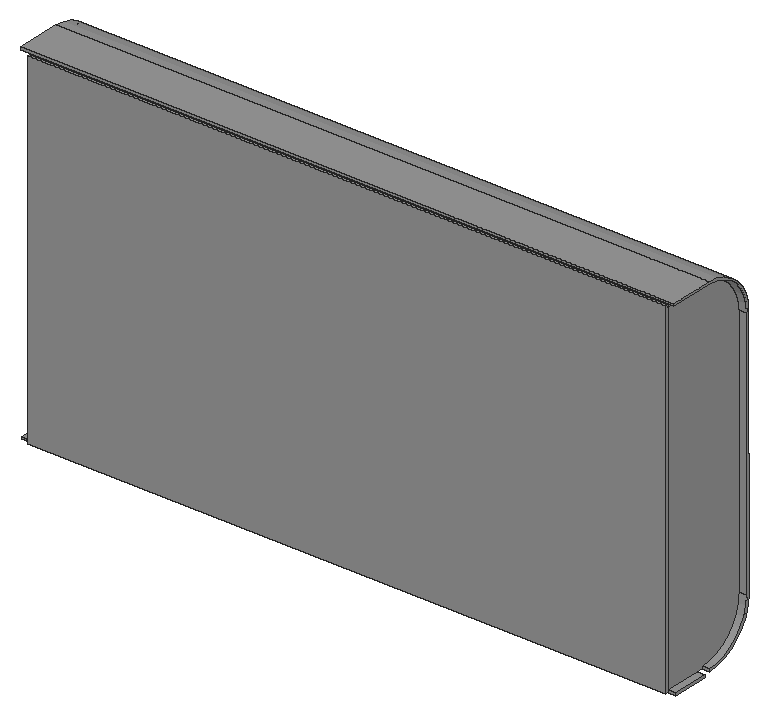
Revit family "3250 Bjørk_Baby change unit paper dispenser", category Furniture Systems, host Wall, Revit 2018
Family settings
  Host = Wall
  Round Connector Dimension = Use Diameter
  Part Type = Normal
  Always vertical = Yes
  Cut with Voids When Loaded = No
  Shared = No
  Room Calculation Point = No
Parameters (values of type "WHITE")
  Surface Front = WHITE
  Surface Back = WHITE
Reference planes
  plane 1 "Wall": y = 0
  plane 2 "Center (Left/Right)": x = 125
  plane 3 "Back": y = 75
Text (mm)
  text "Placement Side" at (-1848.837, 1116.779, 0), in view "Ref. Level"
  text "Placement side" at (0, 1409.804, 2854.306), in view "Left"
  text "Placement side" at (0, 499.811, 2980.732), in view "Right"
Dimensions and locks
  locked: plane 3 "Back" to host wall
  aligned and locked: plane 1 "Wall" to host wall
  aligned and locked: nested 1 to plane 3 "Back"
  aligned and locked: plane 3 "Back" to nested 1
  aligned and locked: nested 1 to plane 2 "Center (Left/Right)"
Nested families
  nested 1: "Master 3250 Baby change unit paper dispenser" at (125, 75, 1000) x (-1, 0, 0) z (0, 0, 1), type "Master 3250 Baby change unit paper dispenser"
Definition of nested family "Master 3250 Baby change unit paper dispenser"
  Parameters (values of type "Master 3250 Baby change unit paper dispenser")
    Surface Front = none
    Surface Back = none
    Model = "Björk Baby change unit dispenser - 3250"
    Manufacturer = "Dan Dryer"
    Description = "Baby change unit dispenser"
    Cost = 0
  Reference planes
    plane 1 "Center (Front/Back)": y = 0
    plane 2: z = 0
    plane 3 "Center (Left/Right)": x = 0
  Dimensions and locks
    aligned and locked: level to plane 2
    aligned and locked: level to nested 2
    aligned and locked: level to nested 1
    aligned and locked: plane 3 "Center (Left/Right)" to nested 2
    aligned and locked: nested 2 to nested 1
    aligned and locked: plane 1 "Center (Front/Back)" to nested 1
    aligned and locked: nested 2 to plane 1 "Center (Front/Back)"
  Nested families
    nested 1: "Bagplade Komponent" at (0, 0, -1.5), type "Bagplade Komponent"
    nested 2: "Forplade Komponent lukket" at (0, -13.483, 0), type "Forplade Komponent lukket"
  Definition of nested family "Bagplade Komponent"
    Parameters (values of type "Bagplade Komponent")
      Surface Back = none
      Materiale = none
    Reference planes
      plane 1 "Center (Front/Back)": y = 0
      plane 2: z = 0
      plane 3 "Center (Left/Right)": x = 0
    Forms (mm)
      Extrusion 1, solid, material <- "Surface Back"
        sketch origin (0, 0, 79) x (1, 0, 0) y (0, 0, 1)
          loop
            line (-200, -79) -> (200, -79) -> (200, 139) -> (-200, 139) -> (-200, -79)
        from 0 to 1.5
      Extrusion 2, solid, material <- "Surface Back"
        sketch origin (-200, 0, 188) x (0, 0, -1) y (0, -1, 0)
          loop
            line (186.5, 1.5) -> (186.5, 28)
            arc (186.5, 28) -> (178.006, 48.506) -> (157.5, 57) r 29
            line (157.5, 57) -> (-1, 57)
            arc (-1, 57) -> (-21.506, 48.506) -> (-30, 28) r 29
            line (-30, 28) -> (-30, 13.5) -> (-28.5, 13.5) -> (-28.5, 1.5) -> (186.5, 1.5)
        from 0 to -1.5
      Extrusion 3, solid, material <- "Surface Back"
        sketch origin (198.5, 0, 188) x (0, 0, -1) y (0, -1, 0)
          loop
            line (186.5, 1.5) -> (186.5, 28)
            arc (186.5, 28) -> (178.006, 48.506) -> (157.5, 57) r 29
            line (157.5, 57) -> (-1, 57)
            arc (-1, 57) -> (-21.506, 48.506) -> (-30, 28) r 29
            line (-30, 28) -> (-30, 13.5) -> (-28.5, 13.5) -> (-28.5, 1.5) -> (186.5, 1.5)
        from 0 to -1.5
      Extrusion 4, solid, material <- "Surface Back"
        sketch origin (200, 0, 218) x (-1, 0, 0) y (0, -1, 0)
          loop
            line (400, 1.5) -> (400, 13.5) -> (0, 13.5) -> (0, 1.5) -> (400, 1.5)
        from 0 to -1.5
      Extrusion 5, solid, material <- "Surface Back"
        sketch origin (-200, 0, 0) x (0, -1, 0) y (-1, 0, 0)
          loop
            line (1.5, 5) -> (1.5, -32) -> (24.5, -32) -> (24.5, 5) -> (1.5, 5)
        from 0 to -1.5
      Extrusion 6, solid, material <- "Surface Back"
        sketch origin (200, 0, 0) x (0, 1, 0) y (1, 0, 0)
          loop
            line (-1.5, 5) -> (-24.5, 5) -> (-24.5, -32) -> (-1.5, -32) -> (-1.5, 5)
        from 0 to -1.5
      Extrusion 7, solid, material <- "Surface Back"
        sketch origin (-200, 0, 0) x (0, -1, 0) y (-1, 0, 0)
          loop
            line (1.5, -61) -> (1.5, -339) -> (8.5, -339) -> (8.5, -61) -> (1.5, -61)
        from 0 to -1.5
    Dimensions and locks
      aligned and locked: level to plane 2
  Definition of nested family "Forplade Komponent lukket"
    Parameters (values of type "Forplade Komponent lukket")
      Surface Front = none
    Reference planes
      plane 1 "Center (Front/Back)": y = 0
      plane 2: z = 0
      plane 3 "Center (Left/Right)": x = 0
    Forms (mm)
      Extrusion 1, solid, material <- "Surface Front"
        sketch origin (0, 0, 79.75) x (0, 1, 0) y (0, 0, 1)
          loop
            arc (-14.5, -78.25) -> (-35.006, -69.756) -> (-43.5, -49.25) r 29
            line (-43.5, -49.25) -> (-43.5, 109.25)
            arc (-43.5, 109.25) -> (-35.006, 129.756) -> (-14.5, 138.25) r 29
            line (-14.5, 138.25) -> (13.483, 138.25) -> (13.483, 139.75) -> (-14.5, 139.75)
            arc (-14.5, 139.75) -> (-36.067, 130.817) -> (-45, 109.25) r 30.5
            line (-45, 109.25) -> (-45, -49.25)
            arc (-45, -49.25) -> (-36.067, -70.817) -> (-14.5, -79.75) r 30.5
            line (-14.5, -79.75) -> (-14.5, -78.25)
        from -205 to 205
      Extrusion 2, void
        sketch origin (0, 0, 79.75) x (1, 0, 0) y (0, 0, 1)
          loop
            line (-165, -8.116) -> (164.987, -8.116)
            arc (164.987, -8.116) -> (174.987, 1.884) -> (164.987, 11.884) r 10
            line (164.987, 11.884) -> (-165, 11.884)
            arc (-165, 11.884) -> (-175, 1.884) -> (-165, -8.116) r 10
        from 31.755 to 69.02
      Extrusion 3, solid
        sketch origin (0, -45, -42) x (0, 0, 1) y (-1, 0, 0)
          loop
            circle (214.218, 0) r 15
        from 0 to 20
    Cuts and joins
      Extrusion 2 cuts Extrusion 1
    Lines and regions (mm)
      model lines
        curve 1: line (0, -11, -58.5) -> (0, -11, -60)
    Dimensions and locks
      aligned and locked: level to plane 2
